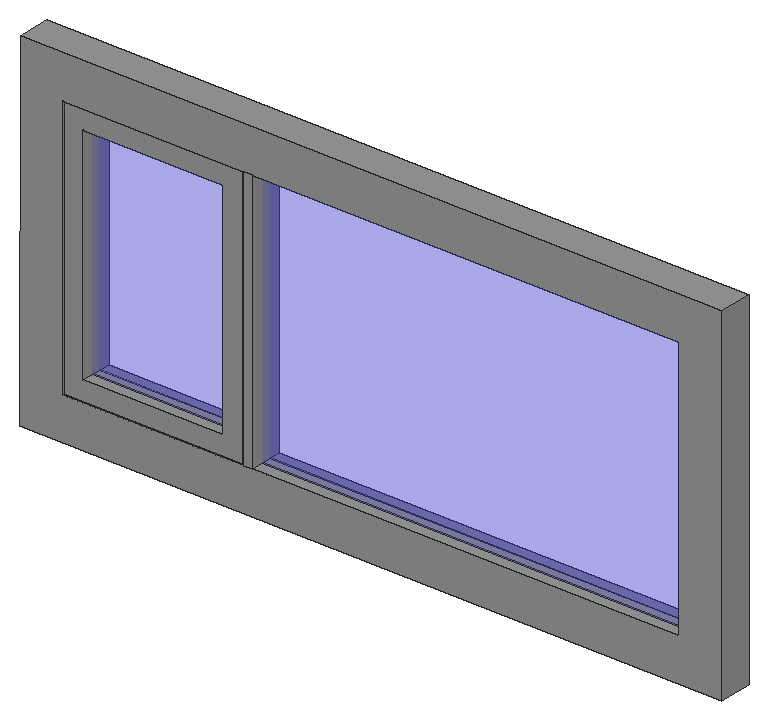
Revit family "Family61", category Windows, host Wall, Revit 2018
Family settings
  Host = Wall
  OmniClass Number = 23.30.20.00
  OmniClass Title = Windows
  Always vertical = Yes
  Cut with Voids When Loaded = No
  Shared = No
  Room Calculation Point = No
Parameters
  Window Frame = 84 mm
  Visual Light Transmittance = 0.81
  URL = "www.skywardwindows.co.za"
  Thermal Resistance (R) = 0.3196 (m²·K)/W
  Telephone = "021 276 1800"
  Solar Heat Gain Coefficient = 0.76
  Manufacturer = "Skyward Windows"
  Height = 890 mm
  Heat Transfer Coefficient (U) = 3.1292 W/(m²·K)
  Glass Thickness = 4 mm
  Glass = Glass
  Frame = White
  Email Address = "info@skywardwindows.co.za"
  Default Sill Height = 800 mm
  Wall Closure = By host
  Width = 1790 mm
  Company Address = "Charles Matthews Street Atlantis 7349"
  Analytic Construction = "Double glazing - domestic"
Reference planes
  plane 1 "Center (Front/Back)": y = 0
  plane 2 "Center (Left/Right)": x = 0
  plane 3 "Left": x = -895
  plane 4 "Right": x = 895
  plane 5 "Sill": z = 800
  plane 6 "Head": z = 1690
  plane 7 "Exterior": y = 100
  plane 8 "Interior": y = -100
Forms (mm)
  Extrusion 1, solid, material "White" <- "Frame"
    sketch origin (0, -100, 0) x (1, 0, 0) y (0, 0, 1)
      loop
        line (-895, 1690) -> (-895, 800) -> (895, 800) -> (895, 1690) -> (-895, 1690)
      loop
        line (-786, 909) -> (786, 909) -> (786, 1581) -> (-786, 1581) -> (-786, 909)
    from -142 to -58
  Extrusion 2, solid, material "White" <- "Frame"
    sketch origin (0, -100, 0) x (1, 0, 0) y (0, 0, 1)
      loop
        line (-786, 1581) -> (-786, 909) -> (-330, 909) -> (-330, 1581) -> (-786, 1581)
      loop
        line (-736, 1531) -> (-736, 959) -> (-380, 959) -> (-380, 1531) -> (-736, 1531)
    from -140 to -60
  Extrusion 3, solid, material "White" <- "Frame"
    sketch origin (-302.505, -100, 0) x (1, 0, 0) y (0, 0, 1)
      loop
        line (-22.085, 1581) -> (-22.085, 909) -> (0, 909) -> (0, 1581) -> (-22.085, 1581)
    from -142 to -58
  Extrusion 4, solid, material "Glass" <- "Glass"
    sketch origin (0, 0, 0) x (1, 0, 0) y (0, 1, 0)
      loop
        line (-736, 14) -> (-736, 10) -> (-380, 10) -> (-380, 14) -> (-736, 14)
      loop
        line (-736, -10) -> (-736, -14) -> (-380, -14) -> (-380, -10) -> (-736, -10)
    from 959 to 1531
  Extrusion 5, solid, material "Glass" <- "Glass"
    sketch origin (0, 0, 0) x (1, 0, 0) y (0, 1, 0)
      loop
        line (-302.505, 14) -> (-302.505, 10) -> (786, 10) -> (786, 14) -> (-302.505, 14)
      loop
        line (786, -10) -> (-302.505, -10) -> (-302.505, -14) -> (786, -14) -> (786, -10)
    from 909 to 1581
Lines and regions (mm)
  Opening 1
    outline origin (3500, -100, 0) x (1, 0, 0) y (0, 0, 1)
      loop
        line (-2605, 800) -> (-2605, 1690) -> (-4395, 1690) -> (-4395, 800) -> (-2605, 800)
Text (mm)
  text "EXTERIOR" at (-1963.203, 1332.353, 0), in view "Ref. Level"
  text "INTERIOR" at (-1981.466, -818.386, 0), in view "Ref. Level"
  text "Exterior" at (0, 923.751, 2943.296), in view "Right"
  text "Exterior" at (0, 1040.484, 2685.409), in view "Left"
Dimensions and locks
  equal spacing: plane 3 "Left", plane 2 "Center (Left/Right)", plane 4 "Right"
  "Width": plane 3 "Left" to plane 4 "Right"
  "Height": plane 5 "Sill" to plane 6 "Head"
  "Default Sill Height": plane 5 "Sill" to level
  locked: plane 7 "Exterior" to host wall at 0
  locked: plane 8 "Interior" to host wall
  "Window Frame": Extrusion 1 to Extrusion 1
  "Glass Thickness": Extrusion 4 to Extrusion 4
  "Glass Thickness": Extrusion 5 to Extrusion 5
  aligned and locked: Extrusion 1 sketch curve to host wall  (x4)
  aligned and locked: Extrusion 4 to Extrusion 2
Automatic sketch dimensions
  Opening 1 sketch curve to plane 3 "Left" = 0 mm
  Opening 1 sketch curve to plane 4 "Right" = 0 mm
  Opening 1 sketch curve to plane 5 "Sill" = 0 mm
  Opening 1 sketch curve to plane 6 "Head" = 0 mm
  Extrusion 1 sketch curve to plane 3 "Left" = 109 mm
  plane 4 "Right" to Extrusion 1 sketch curve = 109 mm
  Extrusion 1 sketch curve to plane 5 "Sill" = 109 mm
  plane 6 "Head" to Extrusion 1 sketch curve = 109 mm
  Extrusion 2 sketch curve to plane 3 "Left" = 109 mm
  Extrusion 2 sketch curve to Extrusion 2 sketch curve = 50 mm  (x3)
  plane 2 "Center (Left/Right)" to Extrusion 2 sketch curve = 380 mm
  plane 2 "Center (Left/Right)" to Extrusion 2 sketch curve = 330 mm
  Extrusion 2 sketch curve to plane 5 "Sill" = 109 mm
  plane 6 "Head" to Extrusion 2 sketch curve = 159 mm
  plane 2 "Center (Left/Right)" to Extrusion 3 sketch curve = 302.505 mm
  plane 2 "Center (Left/Right)" to Extrusion 3 sketch curve = 324.59 mm
  Extrusion 3 sketch curve to plane 5 "Sill" = 109 mm
  plane 6 "Head" to Extrusion 3 sketch curve = 109 mm
  Extrusion 4 sketch curve to host wall = 14 mm
  Extrusion 4 sketch curve to plane 3 "Left" = 159 mm
  Extrusion 4 sketch curve to Extrusion 4 sketch curve = 0 mm  (x2)
  host wall to Extrusion 4 sketch curve = 10 mm
  plane 2 "Center (Left/Right)" to Extrusion 4 sketch curve = 380 mm
  Extrusion 4 sketch curve to Extrusion 4 sketch curve = 4 mm  (x2)
  plane 2 "Center (Left/Right)" to Extrusion 5 sketch curve = 302.505 mm  (x2)
  Extrusion 5 sketch curve to host wall = 14 mm
  plane 4 "Right" to Extrusion 5 sketch curve = 109 mm
  Extrusion 5 sketch curve to Extrusion 5 sketch curve = 0 mm
  Extrusion 5 sketch curve to Extrusion 5 sketch curve = 4 mm  (x2)
  host wall to Extrusion 5 sketch curve = 10 mm
